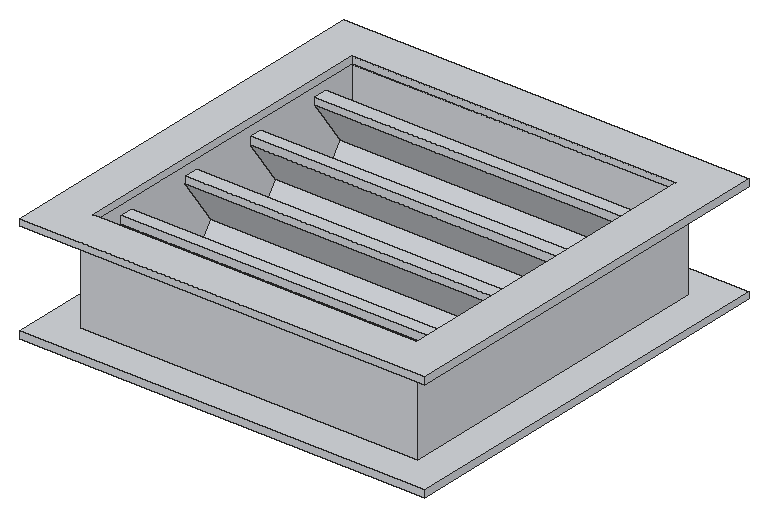
Revit family "f031aba97c8642ecbfce6ee4a42f4820", category Air Terminals, host Face, Revit 2021
Family settings
  Host = Face
  Round Connector Dimension = Use Diameter
  Part Type = Normal
  OmniClass Number = 23.30.60.11.17
  OmniClass Title = Exterior Louvers and Grilles
  Seek Item ID = Louver - Storm Resistant-0000-USA-ENU
  Cut with Voids When Loaded = No
  Shared = No
  Room Calculation Point = No
Parameters (values of type "Standard")
  Pressure Drop [instance] = 0.18 in-wg
  Number [instance] = 4
  Louver Width [instance] = Duct Width + 0' 1 1/2"  # 0' - 7 1/2"
  Louver Material = none
  Louver Length [instance] = 0' - 2"
  Louver Height [instance] = Duct Height + 0' 1 1/2"  # 0' - 7 1/2"
  Length 3 [instance] = Length 2 * 0.35  # 0' - 0.525"
  Length 2 [instance] = Louver Length - 0' 0 1/2"  # 0' - 1 1/2"
  Length 1 [instance] = (Louver Length - 0' 0 1/4") * 0.35  # 0' - 0.6125"
  Flow [instance] = 920 FPM * Duct Height * Duct Width  # 230 CFM
  Duct Width [instance] = 6"
  Duct Height [instance] = 6"
  Default Elevation = 4' - 0"
Reference planes (in)
  plane 1 "Center (Front/Back)": y = 0
  plane 2: z = 0
  plane 3 "Center (Left/Right)": x = 0
  plane 4: z = -2
  plane 5: z = -0.125
  plane 6: z = -1.875
  plane 7: z = -1.2625
  plane 8: x = -3
  plane 9: x = 3
  plane 10: x = -3.75
  plane 11: x = 3.75
  plane 12: y = 3
  plane 13: y = 3.75
  plane 14: y = -3
  plane 15: y = -3.75
  plane 16: y = -2.25
  plane 17: y = 2.25
Forms (in)
  Extrusion 1, solid, material <- "Louver Material"
    sketch origin (0, 0, 0) x (1, 0, 0) y (0, 1, 0)
      loop
        line (-3.75, 3.75) -> (-3.75, -3.75) -> (3.75, -3.75) -> (3.75, 3.75) -> (-3.75, 3.75)
      loop
        line (-3, 3) -> (-3, -3) -> (3, -3) -> (3, 3) -> (-3, 3)
    from -0.125 to 0
  Extrusion 2, solid, material <- "Louver Material"
    sketch origin (0, 0, 0) x (1, 0, 0) y (0, 1, 0)
      loop
        line (-3.75, 3.75) -> (-3.75, -3.75) -> (3.75, -3.75) -> (3.75, 3.75) -> (-3.75, 3.75)
      loop
        line (-3, 3) -> (-3, -3) -> (3, -3) -> (3, 3) -> (-3, 3)
    from -2 to -1.875
  Extrusion 3, solid, material <- "Louver Material"
    sketch origin (0, 0, 0) x (1, 0, 0) y (0, 1, 0)
      loop
        line (-3, 3) -> (-3, -3) -> (3, -3) -> (3, 3) -> (-3, 3)
      loop
        line (-3.125, 3.125) -> (-3.125, -3.125) -> (3.125, -3.125) -> (3.125, 3.125) -> (-3.125, 3.125)
    from -1.875 to -0.125
Dimensions and locks (in)
  "Louver Length": plane 2 to plane 4
  locked: plane 2 to plane 5 at 0.125
  locked: plane 6 to plane 4 at 0.125
  "Length 1": plane 7 to plane 6
  equal spacing: plane 10, plane 3 "Center (Left/Right)", plane 11
  "Louver Width": plane 10 to plane 11
  equal spacing: plane 15, plane 1 "Center (Front/Back)", plane 13
  "Louver Height": plane 15 to plane 13
  equal spacing: plane 8, plane 3 "Center (Left/Right)", plane 9
  "Duct Width": plane 8 to plane 9
  equal spacing: plane 14, plane 1 "Center (Front/Back)", plane 12
  "Duct Height": plane 14 to plane 12
  locked: plane 16 to plane 14 at 0.75
  locked: plane 17 to plane 12 at 0.75
  equal spacing: group 1, group 3, group 4, group 2  (x3)
  aligned and locked: plane 2 to host face
  aligned and locked: level to host face
  aligned and locked: plane 10 to Extrusion 1 sketch curve
  aligned and locked: Extrusion 1 sketch curve to plane 13
  aligned and locked: plane 15 to Extrusion 1 sketch curve
  aligned and locked: plane 11 to Extrusion 1 sketch curve
  aligned and locked: plane 8 to Extrusion 1 sketch curve
  aligned and locked: Extrusion 1 sketch curve to plane 12
  aligned and locked: plane 14 to Extrusion 1 sketch curve
  aligned and locked: plane 9 to Extrusion 1 sketch curve
  aligned and locked: plane 2 to Extrusion 1
  aligned and locked: Extrusion 1 to plane 5
  aligned and locked: Extrusion 2 sketch curve to Extrusion 1  (x6)
  aligned and locked: Extrusion 1 to Extrusion 2 sketch curve  (x2)
  aligned and locked: plane 6 to Extrusion 2
  aligned and locked: Extrusion 2 to plane 4
  aligned and locked: Extrusion 1 to Extrusion 3 sketch curve
  aligned and locked: Extrusion 3 sketch curve to Extrusion 1  (x3)
  aligned and locked: plane 5 to Extrusion 3
  aligned and locked: Extrusion 3 to plane 6
  aligned and locked: plane 7 to nested 1
  aligned and locked: nested 1 to plane 16
  aligned and locked: plane 8 to nested 1
  aligned and locked: nested 1 to plane 9
  aligned and locked: plane 7 to nested 2
  aligned and locked: plane 17 to nested 2
Automatic sketch dimensions
  Extrusion 2 sketch curve to plane 14 = 0' - 0"
  Extrusion 3 sketch curve to plane 8 = 0' - 0 1/8"
  Extrusion 3 sketch curve to plane 9 = 0' - 0 1/8"
  plane 14 to Extrusion 3 sketch curve = 0' - 0 1/8"
  plane 12 to Extrusion 3 sketch curve = 0' - 0 1/8"
  host sketch curve to host sketch curve = 8' - 0"  (x2)
Nested families (in)
  nested 1: "Storm Resistant Louver_Vane" at (0, -2.25, -1.2625), type "Standard"
  nested 2: "Storm Resistant Louver_Vane" at (0, 2.25, -1.2625), type "Standard"
  nested 3: "Storm Resistant Louver_Vane" at (0, -0.75, -1.2625), type "Standard"
  nested 4: "Storm Resistant Louver_Vane" at (0, 0.75, -1.2625), type "Standard"
Connectors (in)
  hvac at (0, 0, -2), driven by "Flow", driven by "Duct Height", driven by "Pressure Drop", driven by "Duct Width"
    settings: on Extrusion 2, index 1, duct flow 230 CFM, flow factor 0, pres drop 0.18 in-wg, loss coef 0, conn angle 0.00°, conn width 6", conn height 6", conn diameter 24", duct sys type 2, conn prof type 1, flow config 1, flow direction 2, loss method 4, conn ref index -1, conn util no, is conn primary yes, conn desc ""
Definition of nested family "Storm Resistant Louver_Vane"
  Parameters
    Width = 0' - 6"
    Vane Material = none
    Length 1 = 0.35 * Length  # 0' - 0.525"
    Length = 0' - 1 1/2"
    Default Elevation = 0' - 0"
  Reference planes (in)
    plane 1 "Center (Front/Back)": y = 0
    plane 2: z = 0
    plane 3 "Center (Left/Right)": x = 0
    plane 4: z = -0.525
    plane 5: z = 0.975
    plane 6: x = -3
    plane 7: x = 3
  Forms (in)
    Sweep 1, solid
      path origin (0, 0, 0) x (1, 0, 0) y (0, 1, 0)
        loop
          line (-3, 0.625) -> (3, 0.625)
      profile origin (0, 0.625, 0) x (0, 1, 0) y (0, 0, 1)
        loop
          line (-0.75, 0.975) -> (-0.75, 0.83386) -> (-0.16323, 0.00003) -> (-0.52288, -0.5) -> (-0.70537, -0.5) -> (-0.63513, -0.30701) -> (-0.66159, -0.28834) -> (-0.74773, -0.525) -> (-0.50227, -0.525) -> (-0.125, 0) -> (-0.71875, 0.84375) -> (-0.71875, 0.9375) -> (-0.5, 0.9375) -> (-0.5, 0.975) -> (-0.75, 0.975)
  Dimensions and locks (in)
    "Length 1": plane 2 to plane 4
    "Length": plane 5 to plane 4
    equal spacing: plane 6, plane 3 "Center (Left/Right)", plane 7
    "Width": plane 6 to plane 7
    equal spacing: Sweep 1 sketch curve, plane 1 "Center (Front/Back)", Sweep 1 sketch curve  (x2)
    locked: Sweep 1 sketch curve to Sweep 1 sketch curve at 0.25
    locked: Sweep 1 sketch curve to Sweep 1 sketch curve at 0.24545
    locked: Sweep 1 sketch curve to Sweep 1 sketch curve at 0.625
    aligned and locked: plane 6 to Sweep 1 sketch curve
    aligned and locked: plane 7 to Sweep 1 sketch curve
    aligned and locked: plane 5 to Sweep 1 sketch curve
    aligned and locked: plane 4 to Sweep 1 sketch curve
  Automatic sketch dimensions
    Sweep 1 sketch curve to level = 0' - 0"
    level to Sweep 1 sketch curve = 0' - 0.00003"
    profile plane to Sweep 1 sketch curve = 0' - 0.16323"
    Sweep 1 sketch curve to Sweep 1 sketch curve = 0' - 0.0206"
    Sweep 1 sketch curve to Sweep 1 sketch curve = 0' - 0.02646"
    Sweep 1 sketch curve to Sweep 1 sketch curve = 0' - 0.04235"
    Sweep 1 sketch curve to Sweep 1 sketch curve = 0' - 0 1/32"
    Sweep 1 sketch curve to Sweep 1 sketch curve = 0' - 0.01868"
    Sweep 1 sketch curve to Sweep 1 sketch curve = 0' - 0.19299"
    Sweep 1 sketch curve to Sweep 1 sketch curve = 0' - 0.025"
    Sweep 1 sketch curve to Sweep 1 sketch curve = 0' - 0.00989"
    Sweep 1 sketch curve to Sweep 1 sketch curve = 0' - 0 3/32"
    Sweep 1 sketch curve to Sweep 1 sketch curve = 0' - 0.0375"
    Sweep 1 sketch curve to Sweep 1 sketch curve = 0' - 0.04378"
    Sweep 1 sketch curve to plane 1 "Center (Front/Back)" = 0' - 0 5/8"
